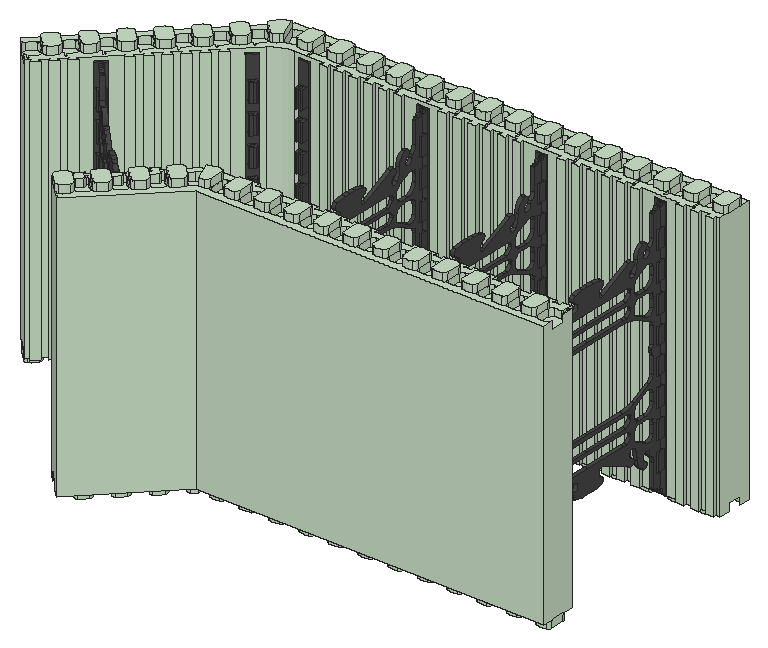
Revit family (continued)
Forms (mm)
  Extrusion 52, void
    sketch origin (588.208, 76.192, 0) x (0.707107, 0.707107, 0) y (-0.707107, 0.707107, 0)
      loop
        arc (-23.401, 199.345) -> (-21.619, 202.847) -> (-22.238, 206.726) r 6.35
        arc (-22.238, 206.726) -> (-27.183, 213.524) -> (-33.981, 218.47) r 26.988
    from 0 to 12.7
  Extrusion 53, void
    sketch origin (537.408, 76.192, 0) x (0.707107, 0.707107, 0) y (-0.707107, 0.707107, 0)
      loop
        arc (-33.981, 218.47) -> (-37.861, 219.088) -> (-41.362, 217.306) r 6.35
        line (-41.362, 217.306) -> (-57.906, 200.761)
        arc (-57.906, 200.761) -> (-59.689, 197.26) -> (-59.07, 193.38) r 6.35
        arc (-59.07, 193.38) -> (-55.492, 188.056) -> (-50.758, 183.727) r 26.988
        arc (-50.758, 183.727) -> (-50.1, 182.566) -> (-50.56, 181.314) r 1.588
        line (-50.56, 181.314) -> (-54.54, 177.334) -> (-51.471, 174.266) -> (-45.255, 180.482)
        arc (-45.255, 180.482) -> (-44.768, 180.814) -> (-44.193, 180.946) r 1.587
        arc (-44.193, 180.946) -> (-41.894, 181.472) -> (-39.946, 182.801) r 6.35
        line (-39.946, 182.801) -> (-23.401, 199.345)
        arc (-23.401, 199.345) -> (-21.619, 202.847) -> (-22.238, 206.726) r 6.35
        arc (-22.238, 206.726) -> (-27.183, 213.524) -> (-33.981, 218.47) r 26.988
    from 0 to 12.7
  Extrusion 54, void
    sketch origin (486.608, 76.192, 0) x (0.707107, 0.707107, 0) y (-0.707107, 0.707107, 0)
      loop
        arc (-33.981, 218.47) -> (-37.861, 219.088) -> (-41.362, 217.306) r 6.35
        line (-41.362, 217.306) -> (-57.906, 200.761)
        arc (-57.906, 200.761) -> (-59.689, 197.26) -> (-59.07, 193.38) r 6.35
        arc (-59.07, 193.38) -> (-55.492, 188.056) -> (-50.758, 183.727) r 26.988
        arc (-50.758, 183.727) -> (-50.1, 182.566) -> (-50.56, 181.314) r 1.588
        line (-50.56, 181.314) -> (-54.54, 177.334) -> (-51.471, 174.266) -> (-45.255, 180.482)
        arc (-45.255, 180.482) -> (-44.768, 180.814) -> (-44.193, 180.946) r 1.587
        arc (-44.193, 180.946) -> (-41.894, 181.472) -> (-39.946, 182.801) r 6.35
        line (-39.946, 182.801) -> (-23.401, 199.345)
        arc (-23.401, 199.345) -> (-21.619, 202.847) -> (-22.238, 206.726) r 6.35
        arc (-22.238, 206.726) -> (-27.183, 213.524) -> (-33.981, 218.47) r 26.988
    from 0 to 12.7
  Extrusion 55, void
    sketch origin (435.808, 76.192, 0) x (0.707107, 0.707107, 0) y (-0.707107, 0.707107, 0)
      loop
        arc (-33.981, 218.47) -> (-37.861, 219.088) -> (-41.362, 217.306) r 6.35
        line (-41.362, 217.306) -> (-57.906, 200.761)
        arc (-57.906, 200.761) -> (-59.689, 197.26) -> (-59.07, 193.38) r 6.35
        arc (-59.07, 193.38) -> (-55.492, 188.056) -> (-50.758, 183.727) r 26.988
        arc (-50.758, 183.727) -> (-50.1, 182.566) -> (-50.56, 181.314) r 1.588
        line (-50.56, 181.314) -> (-54.54, 177.334) -> (-51.471, 174.266) -> (-45.255, 180.482)
        arc (-45.255, 180.482) -> (-44.768, 180.814) -> (-44.193, 180.946) r 1.587
        arc (-44.193, 180.946) -> (-41.894, 181.472) -> (-39.946, 182.801) r 6.35
        line (-39.946, 182.801) -> (-23.401, 199.345)
        arc (-23.401, 199.345) -> (-21.619, 202.847) -> (-22.238, 206.726) r 6.35
        arc (-22.238, 206.726) -> (-27.183, 213.524) -> (-33.981, 218.47) r 26.988
    from 0 to 12.7
  Extrusion 56, void
    sketch origin (385.008, 76.192, 0) x (0.707107, 0.707107, 0) y (-0.707107, 0.707107, 0)
      loop
        arc (-33.981, 218.47) -> (-37.861, 219.088) -> (-41.362, 217.306) r 6.35
        line (-41.362, 217.306) -> (-57.906, 200.761)
        arc (-57.906, 200.761) -> (-59.689, 197.26) -> (-59.07, 193.38) r 6.35
        arc (-59.07, 193.38) -> (-55.492, 188.056) -> (-50.758, 183.727) r 26.988
        arc (-50.758, 183.727) -> (-50.1, 182.566) -> (-50.56, 181.314) r 1.588
        line (-50.56, 181.314) -> (-54.54, 177.334) -> (-51.471, 174.266) -> (-45.255, 180.482)
        arc (-45.255, 180.482) -> (-44.768, 180.814) -> (-44.193, 180.946) r 1.587
        arc (-44.193, 180.946) -> (-41.894, 181.472) -> (-39.946, 182.801) r 6.35
        line (-39.946, 182.801) -> (-23.401, 199.345)
        arc (-23.401, 199.345) -> (-21.619, 202.847) -> (-22.238, 206.726) r 6.35
        arc (-22.238, 206.726) -> (-27.183, 213.524) -> (-33.981, 218.47) r 26.988
    from 0 to 12.7
  Extrusion 57, void
    sketch origin (334.208, 76.192, 0) x (0.707107, 0.707107, 0) y (-0.707107, 0.707107, 0)
      loop
        arc (-33.981, 218.47) -> (-37.861, 219.088) -> (-41.362, 217.306) r 6.35
        line (-41.362, 217.306) -> (-57.906, 200.761)
        arc (-57.906, 200.761) -> (-59.689, 197.26) -> (-59.07, 193.38) r 6.35
        arc (-59.07, 193.38) -> (-55.492, 188.056) -> (-50.758, 183.727) r 26.988
        arc (-50.758, 183.727) -> (-50.1, 182.566) -> (-50.56, 181.314) r 1.588
        line (-50.56, 181.314) -> (-54.54, 177.334) -> (-51.471, 174.266) -> (-45.255, 180.482)
        arc (-45.255, 180.482) -> (-44.768, 180.814) -> (-44.193, 180.946) r 1.587
        arc (-44.193, 180.946) -> (-41.894, 181.472) -> (-39.946, 182.801) r 6.35
        line (-39.946, 182.801) -> (-23.401, 199.345)
        arc (-23.401, 199.345) -> (-21.619, 202.847) -> (-22.238, 206.726) r 6.35
        arc (-22.238, 206.726) -> (-27.183, 213.524) -> (-33.981, 218.47) r 26.988
    from 0 to 12.7
  Extrusion 58, void
    sketch origin (283.408, 76.192, 0) x (0.707107, 0.707107, 0) y (-0.707107, 0.707107, 0)
      loop
        arc (-33.981, 218.47) -> (-37.861, 219.088) -> (-41.362, 217.306) r 6.35
        line (-41.362, 217.306) -> (-57.906, 200.761)
        arc (-57.906, 200.761) -> (-59.689, 197.26) -> (-59.07, 193.38) r 6.35
        arc (-59.07, 193.38) -> (-55.492, 188.056) -> (-50.758, 183.727) r 26.988
        arc (-50.758, 183.727) -> (-50.1, 182.566) -> (-50.56, 181.314) r 1.588
        line (-50.56, 181.314) -> (-54.54, 177.334) -> (-51.471, 174.266) -> (-45.255, 180.482)
        arc (-45.255, 180.482) -> (-44.768, 180.814) -> (-44.193, 180.946) r 1.587
        arc (-44.193, 180.946) -> (-41.894, 181.472) -> (-39.946, 182.801) r 6.35
        line (-39.946, 182.801) -> (-23.401, 199.345)
        arc (-23.401, 199.345) -> (-21.619, 202.847) -> (-22.238, 206.726) r 6.35
        arc (-22.238, 206.726) -> (-27.183, 213.524) -> (-33.981, 218.47) r 26.988
    from 0 to 12.7
  Extrusion 59, void
    sketch origin (232.608, 76.192, 0) x (0.707107, 0.707107, 0) y (-0.707107, 0.707107, 0)
      loop
        arc (-33.981, 218.47) -> (-37.861, 219.088) -> (-41.362, 217.306) r 6.35
        line (-41.362, 217.306) -> (-57.906, 200.761)
        arc (-57.906, 200.761) -> (-59.689, 197.26) -> (-59.07, 193.38) r 6.35
        arc (-59.07, 193.38) -> (-55.492, 188.056) -> (-50.758, 183.727) r 26.988
        arc (-50.758, 183.727) -> (-50.1, 182.566) -> (-50.56, 181.314) r 1.588
        line (-50.56, 181.314) -> (-54.54, 177.334) -> (-51.471, 174.266) -> (-45.255, 180.482)
        arc (-45.255, 180.482) -> (-44.768, 180.814) -> (-44.193, 180.946) r 1.587
        arc (-44.193, 180.946) -> (-41.894, 181.472) -> (-39.946, 182.801) r 6.35
        line (-39.946, 182.801) -> (-23.401, 199.345)
        arc (-23.401, 199.345) -> (-21.619, 202.847) -> (-22.238, 206.726) r 6.35
        arc (-22.238, 206.726) -> (-27.183, 213.524) -> (-33.981, 218.47) r 26.988
    from 0 to 12.7
  Extrusion 60, void
    sketch origin (181.808, 76.192, 0) x (0.707107, 0.707107, 0) y (-0.707107, 0.707107, 0)
      loop
        arc (-33.981, 218.47) -> (-37.861, 219.088) -> (-41.362, 217.306) r 6.35
        line (-41.362, 217.306) -> (-57.906, 200.761)
        arc (-57.906, 200.761) -> (-59.689, 197.26) -> (-59.07, 193.38) r 6.35
        arc (-59.07, 193.38) -> (-55.492, 188.056) -> (-50.758, 183.727) r 26.988
        arc (-50.758, 183.727) -> (-50.1, 182.566) -> (-50.56, 181.314) r 1.588
        line (-50.56, 181.314) -> (-54.54, 177.334) -> (-51.471, 174.266) -> (-45.255, 180.482)
        arc (-45.255, 180.482) -> (-44.768, 180.814) -> (-44.193, 180.946) r 1.587
        arc (-44.193, 180.946) -> (-41.894, 181.472) -> (-39.946, 182.801) r 6.35
        line (-39.946, 182.801) -> (-23.401, 199.345)
        arc (-23.401, 199.345) -> (-21.619, 202.847) -> (-22.238, 206.726) r 6.35
        arc (-22.238, 206.726) -> (-27.183, 213.524) -> (-33.981, 218.47) r 26.988
    from 0 to 12.7
  Extrusion 61, void
    sketch origin (131.008, 76.192, 0) x (0.707107, 0.707107, 0) y (-0.707107, 0.707107, 0)
      loop
        arc (-33.981, 218.47) -> (-37.861, 219.088) -> (-41.362, 217.306) r 6.35
        line (-41.362, 217.306) -> (-57.906, 200.761)
        arc (-57.906, 200.761) -> (-59.689, 197.26) -> (-59.07, 193.38) r 6.35
        arc (-59.07, 193.38) -> (-55.492, 188.056) -> (-50.758, 183.727) r 26.988
        arc (-50.758, 183.727) -> (-50.1, 182.566) -> (-50.56, 181.314) r 1.588
        line (-50.56, 181.314) -> (-54.54, 177.334) -> (-51.471, 174.266) -> (-45.255, 180.482)
        arc (-45.255, 180.482) -> (-44.768, 180.814) -> (-44.193, 180.946) r 1.587
        arc (-44.193, 180.946) -> (-41.894, 181.472) -> (-39.946, 182.801) r 6.35
        line (-39.946, 182.801) -> (-23.401, 199.345)
        arc (-23.401, 199.345) -> (-21.619, 202.847) -> (-22.238, 206.726) r 6.35
        arc (-22.238, 206.726) -> (-27.183, 213.524) -> (-33.981, 218.47) r 26.988
    from 0 to 12.7
  Extrusion 62, void
    sketch origin (76.16, 183.955, 0) x (0, 1, 0) y (-1, 0, 0)
      loop
        arc (-33.981, 218.47) -> (-37.861, 219.088) -> (-41.362, 217.306) r 6.35
        line (-41.362, 217.306) -> (-57.906, 200.761)
        arc (-57.906, 200.761) -> (-59.689, 197.26) -> (-59.07, 193.38) r 6.35
        arc (-59.07, 193.38) -> (-55.492, 188.056) -> (-50.758, 183.727) r 26.988
        arc (-50.758, 183.727) -> (-50.1, 182.566) -> (-50.56, 181.314) r 1.588
        line (-50.56, 181.314) -> (-54.54, 177.334) -> (-51.471, 174.266) -> (-45.255, 180.482)
        arc (-45.255, 180.482) -> (-44.768, 180.814) -> (-44.193, 180.946) r 1.587
        arc (-44.193, 180.946) -> (-41.894, 181.472) -> (-39.946, 182.801) r 6.35
        line (-39.946, 182.801) -> (-23.401, 199.345)
        arc (-23.401, 199.345) -> (-21.619, 202.847) -> (-22.238, 206.726) r 6.35
        arc (-22.238, 206.726) -> (-27.183, 213.524) -> (-33.981, 218.47) r 26.988
    from 0 to 12.7
  Extrusion 63, void
    sketch origin (40.239, 148.034, 0) x (0, 1, 0) y (-1, 0, 0)
      loop
        arc (-33.981, 218.47) -> (-37.861, 219.088) -> (-41.362, 217.306) r 6.35
        line (-41.362, 217.306) -> (-57.906, 200.761)
        arc (-57.906, 200.761) -> (-59.689, 197.26) -> (-59.07, 193.38) r 6.35
        arc (-59.07, 193.38) -> (-55.492, 188.056) -> (-50.758, 183.727) r 26.988
        arc (-50.758, 183.727) -> (-50.1, 182.566) -> (-50.56, 181.314) r 1.588
        line (-50.56, 181.314) -> (-54.54, 177.334) -> (-51.471, 174.266) -> (-45.255, 180.482)
        arc (-45.255, 180.482) -> (-44.768, 180.814) -> (-44.193, 180.946) r 1.587
        arc (-44.193, 180.946) -> (-41.894, 181.472) -> (-39.946, 182.801) r 6.35
        line (-39.946, 182.801) -> (-23.401, 199.345)
        arc (-23.401, 199.345) -> (-21.619, 202.847) -> (-22.238, 206.726) r 6.35
        arc (-22.238, 206.726) -> (-27.183, 213.524) -> (-33.981, 218.47) r 26.988
    from 0 to 12.7
  Extrusion 64, void
    sketch origin (4.318, 112.113, 0) x (0, 1, 0) y (-1, 0, 0)
      loop
        arc (-33.981, 218.47) -> (-37.861, 219.088) -> (-41.362, 217.306) r 6.35
        line (-41.362, 217.306) -> (-57.906, 200.761)
        arc (-57.906, 200.761) -> (-59.689, 197.26) -> (-59.07, 193.38) r 6.35
        arc (-59.07, 193.38) -> (-55.492, 188.056) -> (-50.758, 183.727) r 26.988
        arc (-50.758, 183.727) -> (-50.1, 182.566) -> (-50.56, 181.314) r 1.588
        line (-50.56, 181.314) -> (-54.54, 177.334) -> (-51.471, 174.266) -> (-45.255, 180.482)
        arc (-45.255, 180.482) -> (-44.768, 180.814) -> (-44.193, 180.946) r 1.587
        arc (-44.193, 180.946) -> (-41.894, 181.472) -> (-39.946, 182.801) r 6.35
        line (-39.946, 182.801) -> (-23.401, 199.345)
        arc (-23.401, 199.345) -> (-21.619, 202.847) -> (-22.238, 206.726) r 6.35
        arc (-22.238, 206.726) -> (-27.183, 213.524) -> (-33.981, 218.47) r 26.988
    from 0 to 12.7
  Extrusion 65, void
    sketch origin (-31.603, 76.192, 0) x (0, 1, 0) y (-1, 0, 0)
      loop
        arc (-33.981, 218.47) -> (-37.861, 219.088) -> (-41.362, 217.306) r 6.35
        line (-41.362, 217.306) -> (-57.906, 200.761)
        arc (-57.906, 200.761) -> (-59.689, 197.26) -> (-59.07, 193.38) r 6.35
        arc (-59.07, 193.38) -> (-55.492, 188.056) -> (-50.758, 183.727) r 26.988
        arc (-50.758, 183.727) -> (-50.1, 182.566) -> (-50.56, 181.314) r 1.588
        line (-50.56, 181.314) -> (-54.54, 177.334) -> (-51.471, 174.266) -> (-45.255, 180.482)
        arc (-45.255, 180.482) -> (-44.768, 180.814) -> (-44.193, 180.946) r 1.587
        arc (-44.193, 180.946) -> (-41.894, 181.472) -> (-39.946, 182.801) r 6.35
        line (-39.946, 182.801) -> (-23.401, 199.345)
        arc (-23.401, 199.345) -> (-21.619, 202.847) -> (-22.238, 206.726) r 6.35
        arc (-22.238, 206.726) -> (-27.183, 213.524) -> (-33.981, 218.47) r 26.988
    from 0 to 12.7
  Extrusion 66, void
    sketch origin (425.597, 76.192, 0) x (-0.707107, 0.707107, 0) y (-0.707107, -0.707107, 0)
      loop
        arc (-33.981, -218.47) -> (-27.183, -213.524) -> (-22.238, -206.726) r 26.988
        arc (-22.238, -206.726) -> (-21.619, -202.847) -> (-23.401, -199.345) r 6.35
        line (-23.401, -199.345) -> (-39.946, -182.801)
        arc (-39.946, -182.801) -> (-41.894, -181.472) -> (-44.193, -180.946) r 6.35
        arc (-44.193, -180.946) -> (-44.768, -180.814) -> (-45.255, -180.482) r 1.587
        line (-45.255, -180.482) -> (-51.471, -174.266) -> (-54.54, -177.334) -> (-50.56, -181.314)
        arc (-50.56, -181.314) -> (-50.1, -182.566) -> (-50.758, -183.727) r 1.588
        arc (-50.758, -183.727) -> (-55.492, -188.056) -> (-59.07, -193.38) r 26.988
        arc (-59.07, -193.38) -> (-59.689, -197.26) -> (-57.906, -200.761) r 6.35
        line (-57.906, -200.761) -> (-41.362, -217.306)
        arc (-41.362, -217.306) -> (-37.861, -219.088) -> (-33.981, -218.47) r 6.35
    from 457.2 to 444.5
  Extrusion 67, void
    sketch origin (791.408, 76.192, 0) x (0.707107, 0.707107, 0) y (-0.707107, 0.707107, 0)
      loop
        arc (-33.981, 218.47) -> (-37.861, 219.088) -> (-41.362, 217.306) r 6.35
        line (-41.362, 217.306) -> (-57.906, 200.761)
        arc (-57.906, 200.761) -> (-59.689, 197.26) -> (-59.07, 193.38) r 6.35
        arc (-59.07, 193.38) -> (-55.492, 188.056) -> (-50.758, 183.727) r 26.988
        arc (-50.758, 183.727) -> (-50.1, 182.566) -> (-50.56, 181.314) r 1.588
        line (-50.56, 181.314) -> (-54.54, 177.334) -> (-51.471, 174.266) -> (-45.255, 180.482)
        arc (-45.255, 180.482) -> (-44.768, 180.814) -> (-44.193, 180.946) r 1.587
        arc (-44.193, 180.946) -> (-41.894, 181.472) -> (-39.946, 182.801) r 6.35
        line (-39.946, 182.801) -> (-23.401, 199.345)
        arc (-23.401, 199.345) -> (-21.619, 202.847) -> (-22.238, 206.726) r 6.35
        arc (-22.238, 206.726) -> (-27.183, 213.524) -> (-33.981, 218.47) r 26.988
    from 0 to 12.7
  Extrusion 68, void
    sketch origin (-326.192, -218.397, 0) x (-1, 0, 0) y (0, -1, 0)
      loop
        arc (-33.981, -218.47) -> (-27.183, -213.524) -> (-22.238, -206.726) r 26.988
        arc (-22.238, -206.726) -> (-21.619, -202.847) -> (-23.401, -199.345) r 6.35
        line (-23.401, -199.345) -> (-39.946, -182.801)
        arc (-39.946, -182.801) -> (-41.894, -181.472) -> (-44.193, -180.946) r 6.35
        arc (-44.193, -180.946) -> (-44.768, -180.814) -> (-45.255, -180.482) r 1.587
        line (-45.255, -180.482) -> (-51.471, -174.266) -> (-54.54, -177.334) -> (-50.56, -181.314)
        arc (-50.56, -181.314) -> (-50.1, -182.566) -> (-50.758, -183.727) r 1.588
        arc (-50.758, -183.727) -> (-55.492, -188.056) -> (-59.07, -193.38) r 26.988
        arc (-59.07, -193.38) -> (-59.689, -197.26) -> (-57.906, -200.761) r 6.35
        line (-57.906, -200.761) -> (-41.362, -217.306)
        arc (-41.362, -217.306) -> (-37.861, -219.088) -> (-33.981, -218.47) r 6.35
    from 457.2 to 444.5
  Extrusion 69, void
    sketch origin (-67.524, 40.271, 0) x (0, 1, 0) y (-1, 0, 0)
      loop
        arc (-33.981, 218.47) -> (-37.861, 219.088) -> (-41.362, 217.306) r 6.35
        line (-41.362, 217.306) -> (-57.906, 200.761)
        arc (-57.906, 200.761) -> (-59.689, 197.26) -> (-59.07, 193.38) r 6.35
        arc (-59.07, 193.38) -> (-55.492, 188.056) -> (-50.758, 183.727) r 26.988
        arc (-50.758, 183.727) -> (-50.1, 182.566) -> (-50.56, 181.314) r 1.588
        line (-50.56, 181.314) -> (-54.54, 177.334) -> (-51.471, 174.266) -> (-45.255, 180.482)
        arc (-45.255, 180.482) -> (-44.768, 180.814) -> (-44.193, 180.946) r 1.587
        arc (-44.193, 180.946) -> (-41.894, 181.472) -> (-39.946, 182.801) r 6.35
        line (-39.946, 182.801) -> (-23.401, 199.345)
        arc (-23.401, 199.345) -> (-21.619, 202.847) -> (-22.238, 206.726) r 6.35
        arc (-22.238, 206.726) -> (-27.183, 213.524) -> (-33.981, 218.47) r 26.988
    from 0 to 12.7
  Extrusion 70, void
    sketch origin (-31.603, -76.208, 0) x (-0.707107, -0.707107, 0) y (0.707107, -0.707107, 0)
      loop
        arc (-33.981, 218.47) -> (-37.861, 219.088) -> (-41.362, 217.306) r 6.35
        line (-41.362, 217.306) -> (-57.906, 200.761)
        arc (-57.906, 200.761) -> (-59.689, 197.26) -> (-59.07, 193.38) r 6.35
        arc (-59.07, 193.38) -> (-55.492, 188.056) -> (-50.758, 183.727) r 26.988
        arc (-50.758, 183.727) -> (-50.1, 182.566) -> (-50.56, 181.314) r 1.588
        line (-50.56, 181.314) -> (-54.54, 177.334) -> (-51.471, 174.266) -> (-45.255, 180.482)
        arc (-45.255, 180.482) -> (-44.768, 180.814) -> (-44.193, 180.946) r 1.587
        arc (-44.193, 180.946) -> (-41.894, 181.472) -> (-39.946, 182.801) r 6.35
        line (-39.946, 182.801) -> (-23.401, 199.345)
        arc (-23.401, 199.345) -> (-21.619, 202.847) -> (-22.238, 206.726) r 6.35
        arc (-22.238, 206.726) -> (-27.183, 213.524) -> (-33.981, 218.47) r 26.988
    from 0 to 12.7
  Extrusion 71, void
    sketch origin (4.007, -103.102, 0) x (1, 0, 0) y (0, 1, 0)
      loop
        arc (-33.981, -218.47) -> (-27.183, -213.524) -> (-22.238, -206.726) r 26.988
        arc (-22.238, -206.726) -> (-21.619, -202.847) -> (-23.401, -199.345) r 6.35
        line (-23.401, -199.345) -> (-39.946, -182.801)
        arc (-39.946, -182.801) -> (-41.894, -181.472) -> (-44.193, -180.946) r 6.35
        arc (-44.193, -180.946) -> (-44.768, -180.814) -> (-45.255, -180.482) r 1.587
        line (-45.255, -180.482) -> (-51.471, -174.266) -> (-54.54, -177.334) -> (-50.56, -181.314)
        arc (-50.56, -181.314) -> (-50.1, -182.566) -> (-50.758, -183.727) r 1.588
        arc (-50.758, -183.727) -> (-55.492, -188.056) -> (-59.07, -193.38) r 26.988
        arc (-59.07, -193.38) -> (-59.689, -197.26) -> (-57.906, -200.761) r 6.35
        line (-57.906, -200.761) -> (-41.362, -217.306)
        arc (-41.362, -217.306) -> (-37.861, -219.088) -> (-33.981, -218.47) r 6.35
    from 457.2 to 444.5
  Extrusion 72, void
    sketch origin (476.397, 76.192, 0) x (-0.707107, 0.707107, 0) y (-0.707107, -0.707107, 0)
      loop
        arc (-33.981, -218.47) -> (-27.183, -213.524) -> (-22.238, -206.726) r 26.988
        arc (-22.238, -206.726) -> (-21.619, -202.847) -> (-23.401, -199.345) r 6.35
        line (-23.401, -199.345) -> (-39.946, -182.801)
        arc (-39.946, -182.801) -> (-41.894, -181.472) -> (-44.193, -180.946) r 6.35
        arc (-44.193, -180.946) -> (-44.768, -180.814) -> (-45.255, -180.482) r 1.587
        line (-45.255, -180.482) -> (-51.471, -174.266) -> (-54.54, -177.334) -> (-50.56, -181.314)
        arc (-50.56, -181.314) -> (-50.1, -182.566) -> (-50.758, -183.727) r 1.588
        arc (-50.758, -183.727) -> (-55.492, -188.056) -> (-59.07, -193.38) r 26.988
        arc (-59.07, -193.38) -> (-59.689, -197.26) -> (-57.906, -200.761) r 6.35
        line (-57.906, -200.761) -> (-41.362, -217.306)
        arc (-41.362, -217.306) -> (-37.861, -219.088) -> (-33.981, -218.47) r 6.35
    from 457.2 to 444.5
  Extrusion 73, void
    sketch origin (842.208, 76.192, 0) x (0.707107, 0.707107, 0) y (-0.707107, 0.707107, 0)
      loop
        arc (-33.981, 218.47) -> (-37.861, 219.088) -> (-41.362, 217.306) r 6.35
        line (-41.362, 217.306) -> (-57.906, 200.761)
        arc (-57.906, 200.761) -> (-59.689, 197.26) -> (-59.07, 193.38) r 6.35
        arc (-59.07, 193.38) -> (-55.492, 188.056) -> (-50.758, 183.727) r 26.988
        arc (-50.758, 183.727) -> (-50.1, 182.566) -> (-50.56, 181.314) r 1.588
        line (-50.56, 181.314) -> (-54.54, 177.334) -> (-51.471, 174.266) -> (-45.255, 180.482)
        arc (-45.255, 180.482) -> (-44.768, 180.814) -> (-44.193, 180.946) r 1.587
        arc (-44.193, 180.946) -> (-41.894, 181.472) -> (-39.946, 182.801) r 6.35
        line (-39.946, 182.801) -> (-23.401, 199.345)
        arc (-23.401, 199.345) -> (-21.619, 202.847) -> (-22.238, 206.726) r 6.35
        arc (-22.238, 206.726) -> (-27.183, 213.524) -> (-33.981, 218.47) r 26.988
    from 0 to 12.7
  Extrusion 74, void
    sketch origin (-362.113, -254.318, 0) x (-1, 0, 0) y (0, -1, 0)
      loop
        arc (-33.981, -218.47) -> (-27.183, -213.524) -> (-22.238, -206.726) r 26.988
        arc (-22.238, -206.726) -> (-21.619, -202.847) -> (-23.401, -199.345) r 6.35
        line (-23.401, -199.345) -> (-39.946, -182.801)
        arc (-39.946, -182.801) -> (-41.894, -181.472) -> (-44.193, -180.946) r 6.35
        arc (-44.193, -180.946) -> (-44.768, -180.814) -> (-45.255, -180.482) r 1.587
        line (-45.255, -180.482) -> (-51.471, -174.266) -> (-54.54, -177.334) -> (-50.56, -181.314)
        arc (-50.56, -181.314) -> (-50.1, -182.566) -> (-50.758, -183.727) r 1.588
        arc (-50.758, -183.727) -> (-55.492, -188.056) -> (-59.07, -193.38) r 26.988
        arc (-59.07, -193.38) -> (-59.689, -197.26) -> (-57.906, -200.761) r 6.35
        line (-57.906, -200.761) -> (-41.362, -217.306)
        arc (-41.362, -217.306) -> (-37.861, -219.088) -> (-33.981, -218.47) r 6.35
    from 457.2 to 444.5
  Extrusion 75, void
    sketch origin (-103.445, 4.35, 0) x (0, 1, 0) y (-1, 0, 0)
      loop
        arc (-33.981, 218.47) -> (-37.861, 219.088) -> (-41.362, 217.306) r 6.35
        line (-41.362, 217.306) -> (-57.906, 200.761)
        arc (-57.906, 200.761) -> (-59.689, 197.26) -> (-59.07, 193.38) r 6.35
        arc (-59.07, 193.38) -> (-55.492, 188.056) -> (-50.758, 183.727) r 26.988
        arc (-50.758, 183.727) -> (-50.1, 182.566) -> (-50.56, 181.314) r 1.588
        line (-50.56, 181.314) -> (-54.54, 177.334) -> (-51.471, 174.266) -> (-45.255, 180.482)
        arc (-45.255, 180.482) -> (-44.768, 180.814) -> (-44.193, 180.946) r 1.587
        arc (-44.193, 180.946) -> (-41.894, 181.472) -> (-39.946, 182.801) r 6.35
        line (-39.946, 182.801) -> (-23.401, 199.345)
        arc (-23.401, 199.345) -> (-21.619, 202.847) -> (-22.238, 206.726) r 6.35
        arc (-22.238, 206.726) -> (-27.183, 213.524) -> (-33.981, 218.47) r 26.988
    from 0 to 12.7
  Extrusion 76, void
    sketch origin (-254.66, -361.77, 0) x (0, -1, 0) y (1, 0, 0)
      loop
        arc (-33.981, 218.47) -> (-37.861, 219.088) -> (-41.362, 217.306) r 6.35
        line (-41.362, 217.306) -> (-57.906, 200.761)
        arc (-57.906, 200.761) -> (-59.689, 197.26) -> (-59.07, 193.38) r 6.35
        arc (-59.07, 193.38) -> (-55.492, 188.056) -> (-50.758, 183.727) r 26.988
        arc (-50.758, 183.727) -> (-50.1, 182.566) -> (-50.56, 181.314) r 1.588
        line (-50.56, 181.314) -> (-54.54, 177.334) -> (-51.471, 174.266) -> (-45.255, 180.482)
        arc (-45.255, 180.482) -> (-44.768, 180.814) -> (-44.193, 180.946) r 1.587
        arc (-44.193, 180.946) -> (-41.894, 181.472) -> (-39.946, 182.801) r 6.35
        line (-39.946, 182.801) -> (-23.401, 199.345)
        arc (-23.401, 199.345) -> (-21.619, 202.847) -> (-22.238, 206.726) r 6.35
        arc (-22.238, 206.726) -> (-27.183, 213.524) -> (-33.981, 218.47) r 26.988
    from 0 to 12.7
  Extrusion 77, void
    sketch origin (283.408, -76.208, 0) x (0.707107, -0.707107, 0) y (0.707107, 0.707107, 0)
      loop
        arc (-33.981, -218.47) -> (-27.183, -213.524) -> (-22.238, -206.726) r 26.988
        arc (-22.238, -206.726) -> (-21.619, -202.847) -> (-23.401, -199.345) r 6.35
        line (-23.401, -199.345) -> (-39.946, -182.801)
        arc (-39.946, -182.801) -> (-41.894, -181.472) -> (-44.193, -180.946) r 6.35
        arc (-44.193, -180.946) -> (-44.768, -180.814) -> (-45.255, -180.482) r 1.587
        line (-45.255, -180.482) -> (-51.471, -174.266) -> (-54.54, -177.334) -> (-50.56, -181.314)
        arc (-50.56, -181.314) -> (-50.1, -182.566) -> (-50.758, -183.727) r 1.588
        arc (-50.758, -183.727) -> (-55.492, -188.056) -> (-59.07, -193.38) r 26.988
        arc (-59.07, -193.38) -> (-59.689, -197.26) -> (-57.906, -200.761) r 6.35
        line (-57.906, -200.761) -> (-41.362, -217.306)
        arc (-41.362, -217.306) -> (-37.861, -219.088) -> (-33.981, -218.47) r 6.35
    from 457.2 to 444.5
  Extrusion 78, void
    sketch origin (-1609.378, 626.165, 0) x (1, 0, 0) y (0, 1, 0)
      loop
        arc (1662.078, -814.885) -> (1661.459, -818.764) -> (1663.242, -822.266) r 6.35
        line (1663.242, -822.266) -> (1679.786, -838.81)
        arc (1679.786, -838.81) -> (1683.288, -840.593) -> (1687.167, -839.974) r 6.35
        arc (1687.167, -839.974) -> (1691.523, -837.191) -> (1695.269, -833.628) r 26.987
        line (1695.269, -833.628) -> (1680.794, -798.682)
        arc (1680.794, -798.682) -> (1673.609, -802.526) -> (1667.361, -807.757) r 39.688
        arc (1667.361, -807.757) -> (1664.424, -811.102) -> (1662.078, -814.885) r 26.988
    from 457.2 to 444.5
  Extrusion 79, void
    sketch origin (695.163, 1580.608, 0) x (-0.707107, -0.707107, 0) y (0.707107, -0.707107, 0)
      loop
        arc (1662.078, 814.885) -> (1664.424, 811.102) -> (1667.361, 807.757) r 26.988
        arc (1667.361, 807.757) -> (1673.588, 802.54) -> (1680.748, 798.7) r 39.688
        line (1680.748, 798.7) -> (1695.233, 833.67)
        arc (1695.233, 833.67) -> (1691.502, 837.208) -> (1687.167, 839.974) r 26.987
        arc (1687.167, 839.974) -> (1683.288, 840.593) -> (1679.786, 838.81) r 6.35
        line (1679.786, 838.81) -> (1663.242, 822.266)
        arc (1663.242, 822.266) -> (1661.459, 818.764) -> (1662.078, 814.885) r 6.35
    from 0 to 12.7
  Extrusion 80, solid, material "NUDURA Expanded Polystyrene Foam Insulation"
    sketch origin (-1609.378, 626.165, 0) x (1, 0, 0) y (0, 1, 0)
      loop
        arc (1662.078, -814.885) -> (1661.459, -818.764) -> (1663.242, -822.266) r 6.35
        line (1663.242, -822.266) -> (1679.786, -838.81)
        arc (1679.786, -838.81) -> (1683.288, -840.593) -> (1687.167, -839.974) r 6.35
        arc (1687.167, -839.974) -> (1691.523, -837.191) -> (1695.269, -833.628) r 26.987
        line (1695.269, -833.628) -> (1680.794, -798.682)
        arc (1680.794, -798.682) -> (1673.609, -802.526) -> (1667.361, -807.757) r 39.688
        arc (1667.361, -807.757) -> (1664.424, -811.102) -> (1662.078, -814.885) r 26.988
    from 0 to -12.7
  Extrusion 81, solid, material "NUDURA Expanded Polystyrene Foam Insulation"
    sketch origin (695.163, 1580.608, 0) x (-0.707107, -0.707107, 0) y (0.707107, -0.707107, 0)
      loop
        arc (1662.078, 814.885) -> (1664.424, 811.102) -> (1667.361, 807.757) r 26.988
        arc (1667.361, 807.757) -> (1673.588, 802.54) -> (1680.748, 798.7) r 39.688
        line (1680.748, 798.7) -> (1695.233, 833.67)
        arc (1695.233, 833.67) -> (1691.502, 837.208) -> (1687.167, 839.974) r 26.987
        arc (1687.167, 839.974) -> (1683.288, 840.593) -> (1679.786, 838.81) r 6.35
        line (1679.786, 838.81) -> (1663.242, 822.266)
        arc (1663.242, 822.266) -> (1661.459, 818.764) -> (1662.078, 814.885) r 6.35
    from 457.2 to 469.9
Cuts and joins
  Extrusion 4, Extrusion 5, Extrusion 6, Extrusion 7, Extrusion 8, Extrusion 9, Extrusion 10, Extrusion 11, Extrusion 12, Extrusion 13, Extrusion 14, Extrusion 15, Extrusion 16, Extrusion 17, Extrusion 18, Extrusion 19, Extrusion 20, Extrusion 21, Extrusion 22, Extrusion 23, Extrusion 24, Extrusion 25, Extrusion 26, Extrusion 27, Extrusion 28, Extrusion 29, Extrusion 30, Extrusion 31, Extrusion 32, Extrusion 33, Extrusion 34, Extrusion 35, Extrusion 36, Extrusion 37, Extrusion 38, Extrusion 39, Extrusion 40, Extrusion 41, Extrusion 42, Extrusion 43, Extrusion 44, Extrusion 45, Extrusion 46, Extrusion 47, Extrusion 48, Extrusion 49, Extrusion 50, Extrusion 51, Extrusion 52, Extrusion 53, Extrusion 54, Extrusion 55, Extrusion 56, Extrusion 57, Extrusion 58, Extrusion 59, Extrusion 60, Extrusion 61, Extrusion 62, Extrusion 63, Extrusion 64, Extrusion 65, Extrusion 66, Extrusion 67, Extrusion 68, Extrusion 69, Extrusion 70, Extrusion 71, Extrusion 72, Extrusion 73, Extrusion 74, Extrusion 75, Extrusion 76, Extrusion 77, Extrusion 78, Extrusion 79 cuts Extrusion 1
  Extrusion 33 cuts Extrusion 2
  Extrusion 35 cuts Extrusion 3
  Extrusion 38 cuts Extrusion 80
  Extrusion 77 cuts Extrusion 81
Lines and regions (mm)
  model lines
    curve 1: line (278.303, 219.067, 457.2) -> (278.303, 219.067, 0)
Dimensions and locks
  aligned and locked: level to plane 2
  aligned and locked: Extrusion 1 to level
  aligned and locked: level to Extrusion 1  (x2)
  aligned and locked: nested 64 to nested 68
  aligned and locked: nested 69 to nested 66
  aligned and locked: nested 87 to nested 67
Nested families
  nested 1: "Interlock Tooth" at (633.903, -76.208, 0), type "Interlock Tooth"
  nested 2: "Interlock Tooth" at (583.103, -76.208, 0), type "Interlock Tooth"
  nested 3: "Interlock Tooth" at (532.303, -76.208, 0), type "Interlock Tooth"
  nested 4: "Interlock Tooth" at (481.503, -76.208, 0), type "Interlock Tooth"
  nested 5: "Interlock Tooth" at (430.703, -76.208, 0), type "Interlock Tooth"
  nested 6: "Interlock Tooth" at (379.903, -76.208, 0), type "Interlock Tooth"
  nested 7: "Interlock Tooth" at (329.103, -76.208, 0), type "Interlock Tooth"
  nested 8: "Interlock Tooth" at (278.303, -76.208, 0), type "Interlock Tooth"
  nested 9: "Interlock Tooth" at (227.503, -76.208, 0), type "Interlock Tooth"
  nested 10: "Interlock Tooth" at (176.703, -76.208, 0), type "Interlock Tooth"
  nested 11: "Interlock Tooth" at (-35.524, -142.633, 0) x (0.7071, 0.7071, 0) z (0, 0, 1), type "Interlock Tooth"
  nested 12: "Interlock Tooth" at (-71.445, -178.555, 0) x (0.7071, 0.7071, 0) z (0, 0, 1), type "Interlock Tooth"
  nested 13: "Interlock Tooth" at (-107.366, -214.476, 0) x (0.7071, 0.7071, 0) z (0, 0, 1), type "Interlock Tooth"
  nested 14: "Interlock Tooth" at (557.703, 76.192, 0), type "Interlock Tooth"
  nested 15: "Interlock Tooth" at (506.903, 76.192, 0), type "Interlock Tooth"
  nested 16: "Interlock Tooth" at (456.103, 76.192, 0), type "Interlock Tooth"
  nested 17: "Interlock Tooth" at (405.303, 76.192, 0), type "Interlock Tooth"
  nested 18: "Interlock Tooth" at (354.503, 76.192, 0), type "Interlock Tooth"
  nested 19: "Interlock Tooth" at (303.703, 76.192, 0), type "Interlock Tooth"
  nested 20: "Interlock Tooth" at (252.903, 76.192, 0), type "Interlock Tooth"
  nested 21: "Interlock Tooth" at (202.103, 76.192, 0), type "Interlock Tooth"
  nested 22: "Interlock Tooth" at (151.303, 76.192, 0), type "Interlock Tooth"
  nested 23: "Interlock Tooth" at (100.503, 76.192, 0), type "Interlock Tooth"
  nested 24: "Interlock Tooth" at (49.703, 76.192, 0), type "Interlock Tooth"
  nested 25: "Interlock Tooth" at (-1.097, 76.192, 0), type "Interlock Tooth"
  nested 26: "Interlock Tooth" at (-51.897, 76.192, 0), type "Interlock Tooth"
  nested 27: "Interlock Tooth" at (-53.174, 54.621, 0) x (0.7071, 0.7071, 0) z (0, 0, 1), type "Interlock Tooth"
  nested 28: "Interlock Tooth" at (-89.095, 18.7, 0) x (0.7071, 0.7071, 0) z (0, 0, 1), type "Interlock Tooth"
  nested 29: "Interlock Tooth" at (-125.016, -17.221, 0) x (0.7071, 0.7071, 0) z (0, 0, 1), type "Interlock Tooth"
  nested 30: "Interlock Tooth" at (-160.937, -53.142, 0) x (0.7071, 0.7071, 0) z (0, 0, 1), type "Interlock Tooth"
  nested 31: "Interlock Tooth" at (-89.406, -196.515, -469.9) x (0.7071, 0.7071, 0) z (0, 0, 1), type "Interlock Tooth"
  nested 32: "Interlock Tooth" at (-53.485, -160.594, -469.9) x (0.7071, 0.7071, 0) z (0, 0, 1), type "Interlock Tooth"
  nested 33: "Interlock Tooth" at (-338.297, 88.297, -469.9) x (0.7071, 0.7071, 0) z (0, 0, 1), type "Interlock Tooth"
  nested 34: "Interlock Tooth" at (-302.376, 124.218, -469.9) x (0.7071, 0.7071, 0) z (0, 0, 1), type "Interlock Tooth"
  nested 35: "Interlock Tooth" at (-266.455, 160.139, -469.9) x (0.7071, 0.7071, 0) z (0, 0, 1), type "Interlock Tooth"
  nested 36: "Interlock Tooth" at (-230.534, 196.06, -469.9) x (0.7071, 0.7071, 0) z (0, 0, 1), type "Interlock Tooth"
  nested 37: "Interlock Tooth" at (-194.613, 231.981, -469.9) x (0.7071, 0.7071, 0) z (0, 0, 1), type "Interlock Tooth"
  nested 38: "Interlock Tooth" at (-1.097, 76.192, -469.9) x (-1, 0, 0) z (0, 0, 1), type "Interlock Tooth"
  nested 39: "Interlock Tooth" at (49.703, 76.192, -469.9) x (-1, 0, 0) z (0, 0, 1), type "Interlock Tooth"
  nested 40: "Interlock Tooth" at (100.503, 76.192, -469.9) x (-1, 0, 0) z (0, 0, 1), type "Interlock Tooth"
  nested 41: "Interlock Tooth" at (151.303, 76.192, -469.9) x (-1, 0, 0) z (0, 0, 1), type "Interlock Tooth"
  nested 42: "Interlock Tooth" at (202.103, 76.192, -469.9) x (-1, 0, 0) z (0, 0, 1), type "Interlock Tooth"
  nested 43: "Interlock Tooth" at (252.903, 76.192, -469.9) x (-1, 0, 0) z (0, 0, 1), type "Interlock Tooth"
  nested 44: "Interlock Tooth" at (303.703, 76.192, -469.9) x (-1, 0, 0) z (0, 0, 1), type "Interlock Tooth"
  nested 45: "Interlock Tooth" at (354.503, 76.192, -469.9) x (-1, 0, 0) z (0, 0, 1), type "Interlock Tooth"
  nested 46: "Interlock Tooth" at (405.303, 76.192, -469.9) x (-1, 0, 0) z (0, 0, 1), type "Interlock Tooth"
  nested 47: "Interlock Tooth" at (456.103, 76.192, -469.9) x (-1, 0, 0) z (0, 0, 1), type "Interlock Tooth"
  nested 48: "Interlock Tooth" at (506.903, 76.192, -469.9) x (-1, 0, 0) z (0, 0, 1), type "Interlock Tooth"
  nested 49: "Interlock Tooth" at (557.703, 76.192, -469.9) x (-1, 0, 0) z (0, 0, 1), type "Interlock Tooth"
  nested 50: "Interlock Tooth" at (684.703, -76.208, -469.9) x (-1, 0, 0) z (0, 0, 1), type "Interlock Tooth"
  nested 51: "Interlock Tooth" at (633.903, -76.208, -469.9) x (-1, 0, 0) z (0, 0, 1), type "Interlock Tooth"
  nested 52: "Interlock Tooth" at (583.103, -76.208, -469.9) x (-1, 0, 0) z (0, 0, 1), type "Interlock Tooth"
  nested 53: "Interlock Tooth" at (532.303, -76.208, -469.9) x (-1, 0, 0) z (0, 0, 1), type "Interlock Tooth"
  nested 54: "Interlock Tooth" at (481.503, -76.208, -469.9) x (-1, 0, 0) z (0, 0, 1), type "Interlock Tooth"
  nested 55: "Interlock Tooth" at (430.703, -76.208, -469.9) x (-1, 0, 0) z (0, 0, 1), type "Interlock Tooth"
  nested 56: "Interlock Tooth" at (379.903, -76.208, -469.9) x (-1, 0, 0) z (0, 0, 1), type "Interlock Tooth"
  nested 57: "Interlock Tooth" at (329.103, -76.208, -469.9) x (-1, 0, 0) z (0, 0, 1), type "Interlock Tooth"
  nested 58: "Interlock Tooth" at (278.303, -76.208, -469.9) x (-1, 0, 0) z (0, 0, 1), type "Interlock Tooth"
  nested 59: "Interlock Tooth" at (227.503, -76.208, -469.9) x (-1, 0, 0) z (0, 0, 1), type "Interlock Tooth"
  nested 60: "Interlock Tooth" at (176.703, -76.208, -469.9) x (-1, 0, 0) z (0, 0, 1), type "Interlock Tooth"
  nested 61: "Capture Lugs" at (-26.497, 76.192, 0) x (-1, 0, 0) z (0, 0, 1), type "Capture Lugs"
  nested 62: "Capture Lugs" at (-35.213, 72.582, 0) x (-0.7071, -0.7071, 0) z (0, 0, 1), type "Capture Lugs"
  nested 63: "NUDURA Diamond Pattern" at (481.503, -76.501, 0), type "NUDURA Diamond Pattern"
  nested 64: "NUDURA Diamond Pattern" at (75.103, -76.208, 0), type "NUDURA Diamond Pattern"
  nested 65: "NUDURA Diamond Pattern" at (481.503, 76.192, 0), type "NUDURA Diamond Pattern"
  nested 66: "NUDURA Diamond Pattern" at (278.303, 76.192, 0), type "NUDURA Diamond Pattern"
  nested 67: "NUDURA Logo Diamond" at (-64.445, 245.406, 0) x (-0.7071, -0.7071, 0) z (0, 0, 1), type "NUDURA Logo Diamond"
  nested 68: "NUDURA Logo Diamond" at (75.168, -219.083, 0), type "NUDURA Logo Diamond"
  nested 69: "NUDURA Logo Diamond Missing Outside Line" at (481.438, 219.067, 0) x (-1, 0, 0) z (0, 0, 1), type "NUDURA Logo Diamond without Outside Line"
  nested 70: "Interlock Tooth" at (608.503, 76.192, 0), type "Interlock Tooth"
  nested 71: "Interlock Tooth" at (608.503, 76.192, -469.9) x (-1, 0, 0) z (0, 0, 1), type "Interlock Tooth"
  nested 72: "Interlock Tooth" at (-196.858, -89.063, 0) x (0.7071, 0.7071, 0) z (0, 0, 1), type "Interlock Tooth"
  nested 73: "Interlock Tooth" at (-374.218, 52.376, -469.9) x (0.7071, 0.7071, 0) z (0, 0, 1), type "Interlock Tooth"
  nested 74: "Interlock Tooth" at (125.903, -76.208, 0), type "Interlock Tooth"
  nested 75: "Interlock Tooth" at (-125.327, -232.436, -469.9) x (0.7071, 0.7071, 0) z (0, 0, 1), type "Interlock Tooth"
  nested 76: "Interlock Tooth" at (659.303, 76.192, 0), type "Interlock Tooth"
  nested 77: "Interlock Tooth" at (659.303, 76.192, -469.9) x (-1, 0, 0) z (0, 0, 1), type "Interlock Tooth"
  nested 78: "Interlock Tooth" at (-232.779, -124.984, 0) x (0.7071, 0.7071, 0) z (0, 0, 1), type "Interlock Tooth"
  nested 79: "Interlock Tooth" at (-143.287, -250.397, 0) x (0.7071, 0.7071, 0) z (0, 0, 1), type "Interlock Tooth"
  nested 80: "Interlock Tooth" at (125.903, -76.208, -469.9) x (-1, 0, 0) z (0, 0, 1), type "Interlock Tooth"
  nested 81: "Interlock Tooth" at (-410.139, 16.455, -469.9) x (0.7071, 0.7071, 0) z (0, 0, 1), type "Interlock Tooth"
  nested 82: "12-inch Insert Web" at (583.103, -0.008, 0), type "12-inch Insert Web"
  nested 83: "12-inch Insert Web" at (379.903, -0.008, 0), type "12-inch Insert Web"
  nested 84: "12-inch Insert Web" at (176.703, -0.008, 0), type "12-inch Insert Web"
  nested 85: "12-inch Insert Web" at (-125.016, -124.984, 0) x (0.7071, 0.7071, 0) z (0, 0, 1), type "12-inch Insert Web"
  nested 86: "NUDURA Diamond Pattern" at (-128.097, 361.942, 0), type "NUDURA Diamond Pattern"
  nested 87: "NUDURA Diamond Pattern" at (36.629, 144.424, 0) x (-0.7071, -0.7071, 0) z (0, 0, 1), type "NUDURA Diamond Pattern"
  nested 88: "NUDURA Diamond Pattern Missing One Line" at (-142.976, -250.707, 0) x (0.7071, 0.7071, 0) z (0, 0, 1), type "NUDURA Diamond Pattern Missing One Line"
Definition of nested family "Interlock Tooth"
  Reference planes
    plane 1 "Center (Front/Back)": y = 0
    plane 2: z = 0
    plane 3 "Center (Left/Right)": x = 0
    plane 4: z = 457.2
    plane 5: z = 469.9
    plane 6: z = -12.7
  Forms (mm)
    Extrusion 1, solid, material "NUDURA Expanded Polystyrene Foam Insulation"
      sketch origin (0, -225.425, 0) x (1, 0, 0) y (0, 1, 0)
        loop
          arc (0, 101.014) -> (1.215, 97.278) -> (4.396, 94.972) r 6.35
          arc (4.396, 94.972) -> (12.7, 93.663) -> (21.004, 94.972) r 26.988
          arc (21.004, 94.972) -> (24.185, 97.278) -> (25.4, 101.014) r 6.35
          line (25.4, 101.014) -> (25.4, 124.411)
          arc (25.4, 124.411) -> (24.185, 128.147) -> (21.004, 130.453) r 6.35
          arc (21.004, 130.453) -> (12.7, 131.763) -> (4.396, 130.453) r 26.987
          arc (4.396, 130.453) -> (1.215, 128.147) -> (0, 124.411) r 6.35
          line (0, 124.411) -> (0, 101.014)
      from 457.2 to 469.9
  Dimensions and locks
    locked: plane 4 to level at 457.2
    locked: plane 4 to plane 5 at 12.7
    locked: plane 6 to level at 12.7
Definition of nested family "Capture Lugs"
  Reference planes
    plane 1 "Center (Front/Back)": y = 0
    plane 2: z = 0
    plane 3 "Center (Left/Right)": x = 0
  Forms (mm)
    Extrusion 1, solid, material "High Density Polystyrene"
      sketch origin (0, 0, 0) x (0, 1, 0) y (0, 0, 1)
        loop
          arc (-82.55, 0) -> (-81.817, 0.502) -> (-81.534, 1.344) r 1.397
          line (-81.534, 1.344) -> (-81.534, 449.4)
          arc (-81.534, 449.4) -> (-81.817, 450.243) -> (-82.55, 450.744) r 1.397
          line (-82.55, 450.744) -> (-82.55, 0)
      from 9.227 to -9.227
    Extrusion 2, solid, material "High Density Polystyrene"
      sketch origin (0, 0, 0) x (0, 1, 0) y (0, 0, 1)
        loop
          line (-81.534, 410.919) -> (-81.534, 380.439) -> (-68.834, 380.439) -> (-68.834, 410.919) -> (-81.534, 410.919)
        loop
          line (-81.534, 361.389) -> (-81.534, 330.909) -> (-68.834, 330.909) -> (-68.834, 361.389) -> (-81.534, 361.389)
        loop
          line (-81.534, 311.859) -> (-81.534, 281.379) -> (-68.834, 281.379) -> (-68.834, 311.859) -> (-81.534, 311.859)
        loop
          line (-81.534, 262.329) -> (-81.534, 234.897) -> (-68.834, 234.897) -> (-68.834, 262.329) -> (-81.534, 262.329)
        loop
          line (-81.534, 215.847) -> (-81.534, 188.415) -> (-68.834, 188.415) -> (-68.834, 215.847) -> (-81.534, 215.847)
        loop
          line (-81.534, 169.365) -> (-81.534, 138.885) -> (-68.834, 138.885) -> (-68.834, 169.365) -> (-81.534, 169.365)
        loop
          line (-81.534, 119.835) -> (-81.534, 89.355) -> (-68.834, 89.355) -> (-68.834, 119.835) -> (-81.534, 119.835)
        loop
          line (-81.534, 70.305) -> (-81.534, 39.825) -> (-68.834, 39.825) -> (-68.834, 70.305) -> (-81.534, 70.305)
      from 6.35 to -6.35
    Extrusion 3, void
      sketch origin (0, 0, 0) x (1, 0, 0) y (0, 1, 0)
        loop
          arc (-6.35, -70.929) -> (-5.736, -69.448) -> (-4.255, -68.834) r 2.095
          line (-4.255, -68.834) -> (-6.35, -68.834) -> (-6.35, -70.929)
      from 0 to 457.2
    Extrusion 4, void
      sketch origin (0, 0, 0) x (-1, 0, 0) y (0, -1, 0)
        loop
          line (-6.35, 70.929) -> (-6.35, 68.834) -> (-4.255, 68.834)
          arc (-4.255, 68.834) -> (-5.736, 69.448) -> (-6.35, 70.929) r 2.095
      from 0 to 457.2
    Extrusion 5, void
      sketch origin (0, 0, 0) x (1, 0, 0) y (0, 1, 0)
        loop
          arc (-1.191, -72.009) -> (0, -78.127) -> (1.191, -72.009) r 3.175
          line (1.191, -72.009) -> (1.191, -68.834) -> (-1.191, -68.834) -> (-1.191, -72.009)
      from 0 to 457.2
  Cuts and joins
    Extrusion 3, Extrusion 4 cuts Extrusion 1
    Extrusion 3, Extrusion 4, Extrusion 5 cuts Extrusion 2
Definition of nested family "12-inch Insert Web"
  Reference planes
    plane 1 "Center (Front/Back)": y = 0
    plane 2: z = 0
    plane 3 "Center (Left/Right)": x = 0
  Forms (mm)
    Extrusion 1, solid, material "High Density Polystyrene"
      sketch origin (0, 0, 0) x (0, 1, 0) y (0, 0, 1)
        loop
          line (158.75, 0) -> (158.75, 450.744)
          arc (158.75, 450.744) -> (158.017, 450.243) -> (157.734, 449.4) r 1.397
          line (157.734, 449.4) -> (157.734, 1.344)
          arc (157.734, 1.344) -> (158.017, 0.502) -> (158.75, 0) r 1.397
        loop
          arc (-158.75, 0) -> (-158.017, 0.502) -> (-157.734, 1.344) r 1.397
          line (-157.734, 1.344) -> (-157.734, 449.4)
          arc (-157.734, 449.4) -> (-158.017, 450.243) -> (-158.75, 450.744) r 1.397
          line (-158.75, 450.744) -> (-158.75, 0)
      from 9.227 to -9.227
    Extrusion 2, solid, material "High Density Polystyrene"
      sketch origin (0, 0, 0) x (0, 1, 0) y (0, 0, 1)
        loop
          arc (157.198, 442.16) -> (157.575, 442.021) -> (157.734, 441.652) r 0.508
          line (157.734, 441.652) -> (157.734, 447.972)
          arc (157.734, 447.972) -> (157.629, 447.585) -> (157.342, 447.306) r 0.762
          line (157.342, 447.306) -> (155.586, 446.33)
          arc (155.586, 446.33) -> (155.299, 446.05) -> (155.194, 445.664) r 0.762
          line (155.194, 445.664) -> (155.194, 442.585)
          arc (155.194, 442.585) -> (155.353, 442.216) -> (155.73, 442.078) r 0.508
          line (155.73, 442.078) -> (157.198, 442.16)
        loop
          line (-155.586, 446.33) -> (-157.342, 447.306)
          arc (-157.342, 447.306) -> (-157.629, 447.585) -> (-157.734, 447.972) r 0.762
          line (-157.734, 447.972) -> (-157.734, 441.652)
          arc (-157.734, 441.652) -> (-157.575, 442.021) -> (-157.198, 442.16) r 0.508
          line (-157.198, 442.16) -> (-155.73, 442.078)
          arc (-155.73, 442.078) -> (-155.353, 442.216) -> (-155.194, 442.585) r 0.508
          line (-155.194, 442.585) -> (-155.194, 445.664)
          arc (-155.194, 445.664) -> (-155.299, 446.05) -> (-155.586, 446.33) r 0.762
        loop
          line (157.198, 8.585) -> (155.73, 8.666)
          arc (155.73, 8.666) -> (155.353, 8.528) -> (155.194, 8.159) r 0.508
          line (155.194, 8.159) -> (155.194, 5.08)
          arc (155.194, 5.08) -> (155.299, 4.694) -> (155.586, 4.414) r 0.762
          line (155.586, 4.414) -> (157.342, 3.439)
          arc (157.342, 3.439) -> (157.629, 3.159) -> (157.734, 2.772) r 0.762
          line (157.734, 2.772) -> (157.734, 9.092)
          arc (157.734, 9.092) -> (157.575, 8.723) -> (157.198, 8.585) r 0.508
        loop
          arc (-155.586, 4.414) -> (-155.299, 4.694) -> (-155.194, 5.08) r 0.762
          line (-155.194, 5.08) -> (-155.194, 8.159)
          arc (-155.194, 8.159) -> (-155.353, 8.528) -> (-155.73, 8.666) r 0.508
          line (-155.73, 8.666) -> (-157.198, 8.585)
          arc (-157.198, 8.585) -> (-157.575, 8.723) -> (-157.734, 9.092) r 0.508
          line (-157.734, 9.092) -> (-157.734, 2.772)
          arc (-157.734, 2.772) -> (-157.629, 3.159) -> (-157.342, 3.439) r 0.762
          line (-157.342, 3.439) -> (-155.586, 4.414)
        loop
          line (152.4, 437.076) -> (150.495, 442.918)
          arc (150.495, 442.918) -> (149.225, 443.68) -> (147.955, 442.918) r 1.439
          line (147.955, 442.918) -> (146.713, 439.108) -> (143.483, 439.108)
          arc (143.483, 439.108) -> (142.604, 438.744) -> (142.24, 437.865) r 1.243
          line (142.24, 437.865) -> (142.24, 437.076) -> (139.7, 437.076) -> (139.7, 400.201)
          arc (139.7, 400.201) -> (137.944, 393.421) -> (133.118, 388.345) r 13.97
          arc (133.118, 388.345) -> (131.885, 386.915) -> (131.681, 385.039) r 3.175
          arc (131.681, 385.039) -> (120.376, 376.743) -> (121.202, 390.741) r 7.747
          arc (121.202, 390.741) -> (124.314, 398.005) -> (117.05, 401.117) r 5.588
          arc (117.05, 401.117) -> (108.059, 393.619) -> (105.199, 382.266) r 18.923
          arc (105.199, 382.266) -> (104.091, 371.727) -> (100.821, 361.646) r 50.8
          arc (100.821, 361.646) -> (88.144, 361.552) -> (92.35, 373.51) r 7.747
          arc (92.35, 373.51) -> (96.234, 381.929) -> (87.311, 384.447) r 6.096
          line (87.311, 384.447) -> (33.279, 359.063)
          arc (33.279, 359.063) -> (22.267, 362.762) -> (27.306, 373.229) r 7.747
          arc (27.306, 373.229) -> (31.748, 378.927) -> (27.631, 384.864) r 6.096
          arc (27.631, 384.864) -> (19.507, 386.918) -> (11.157, 387.609) r 50.8
          line (11.157, 387.609) -> (0, 387.609) -> (-11.157, 387.609)
          arc (-11.157, 387.609) -> (-19.507, 386.918) -> (-27.631, 384.864) r 50.8
          arc (-27.631, 384.864) -> (-31.748, 378.927) -> (-27.306, 373.229) r 6.096
          arc (-27.306, 373.229) -> (-22.267, 362.762) -> (-33.279, 359.063) r 7.747
          line (-33.279, 359.063) -> (-87.311, 384.447)
          arc (-87.311, 384.447) -> (-96.234, 381.929) -> (-92.35, 373.51) r 6.096
          arc (-92.35, 373.51) -> (-88.144, 361.552) -> (-100.821, 361.646) r 7.747
          arc (-100.821, 361.646) -> (-104.091, 371.727) -> (-105.199, 382.266) r 50.8
          arc (-105.199, 382.266) -> (-108.059, 393.619) -> (-117.05, 401.117) r 18.923
          arc (-117.05, 401.117) -> (-124.314, 398.005) -> (-121.202, 390.741) r 5.588
          arc (-121.202, 390.741) -> (-120.376, 376.743) -> (-131.681, 385.039) r 7.747
          arc (-131.681, 385.039) -> (-131.885, 386.915) -> (-133.118, 388.345) r 3.175
          arc (-133.118, 388.345) -> (-137.944, 393.421) -> (-139.7, 400.201) r 13.97
          line (-139.7, 400.201) -> (-139.7, 437.076) -> (-142.24, 437.076) -> (-142.24, 437.865)
          arc (-142.24, 437.865) -> (-142.604, 438.744) -> (-143.483, 439.108) r 1.243
          line (-143.483, 439.108) -> (-146.713, 439.108) -> (-147.955, 442.918)
          arc (-147.955, 442.918) -> (-149.225, 443.68) -> (-150.495, 442.918) r 1.439
          line (-150.495, 442.918) -> (-152.4, 437.076) -> (-152.4, 16.896) -> (-150.495, 11.054)
          arc (-150.495, 11.054) -> (-149.225, 10.292) -> (-147.955, 11.054) r 1.439
          line (-147.955, 11.054) -> (-146.713, 14.864) -> (-143.483, 14.864)
          arc (-143.483, 14.864) -> (-142.604, 15.228) -> (-142.24, 16.107) r 1.243
          line (-142.24, 16.107) -> (-142.24, 16.896) -> (-139.7, 16.896) -> (-139.7, 56.999)
          arc (-139.7, 56.999) -> (-137.944, 63.779) -> (-133.118, 68.855) r 13.97
          arc (-133.118, 68.855) -> (-131.885, 70.285) -> (-131.681, 72.161) r 3.175
          arc (-131.681, 72.161) -> (-120.376, 80.457) -> (-121.202, 66.459) r 7.747
          arc (-121.202, 66.459) -> (-124.314, 59.195) -> (-117.05, 56.083) r 5.588
          arc (-117.05, 56.083) -> (-108.059, 63.581) -> (-105.199, 74.934) r 18.923
          arc (-105.199, 74.934) -> (-104.091, 85.473) -> (-100.821, 95.554) r 50.8
          arc (-100.821, 95.554) -> (-88.144, 95.648) -> (-92.35, 83.69) r 7.747
          arc (-92.35, 83.69) -> (-96.234, 75.271) -> (-87.311, 72.753) r 6.096
          line (-87.311, 72.753) -> (-33.279, 98.137)
          arc (-33.279, 98.137) -> (-22.267, 94.438) -> (-27.306, 83.971) r 7.747
          arc (-27.306, 83.971) -> (-31.748, 78.273) -> (-27.631, 72.336) r 6.096
          arc (-27.631, 72.336) -> (-19.507, 70.282) -> (-11.157, 69.591) r 50.8
          line (-11.157, 69.591) -> (0, 69.591) -> (11.157, 69.591)
          arc (11.157, 69.591) -> (19.507, 70.282) -> (27.631, 72.336) r 50.8
          arc (27.631, 72.336) -> (31.748, 78.273) -> (27.306, 83.971) r 6.096
          arc (27.306, 83.971) -> (22.267, 94.438) -> (33.279, 98.137) r 7.747
          line (33.279, 98.137) -> (87.311, 72.753)
          arc (87.311, 72.753) -> (96.234, 75.271) -> (92.35, 83.69) r 6.096
          arc (92.35, 83.69) -> (88.144, 95.648) -> (100.821, 95.554) r 7.747
          arc (100.821, 95.554) -> (104.091, 85.473) -> (105.199, 74.934) r 50.8
          arc (105.199, 74.934) -> (108.059, 63.581) -> (117.05, 56.083) r 18.923
          arc (117.05, 56.083) -> (124.314, 59.195) -> (121.202, 66.459) r 5.588
          arc (121.202, 66.459) -> (120.376, 80.457) -> (131.681, 72.161) r 7.747
          arc (131.681, 72.161) -> (131.885, 70.285) -> (133.118, 68.855) r 3.175
          arc (133.118, 68.855) -> (137.944, 63.779) -> (139.7, 56.999) r 13.97
          line (139.7, 56.999) -> (139.7, 16.896) -> (142.24, 16.896) -> (142.24, 16.107)
          arc (142.24, 16.107) -> (142.604, 15.228) -> (143.483, 14.864) r 1.243
          line (143.483, 14.864) -> (146.713, 14.864) -> (147.955, 11.054)
          arc (147.955, 11.054) -> (149.225, 10.292) -> (150.495, 11.054) r 1.439
          line (150.495, 11.054) -> (152.4, 16.896) -> (152.4, 437.076)
        loop
          arc (76.789, 109.017) -> (80.328, 108.908) -> (83.853, 108.579) r 57.15
          arc (83.853, 108.579) -> (88.43, 112.104) -> (91.44, 117.034) r 15.855
          line (91.44, 117.034) -> (91.44, 120.234)
          arc (91.44, 120.234) -> (87.76, 126.064) -> (81.935, 129.752) r 15.684
          line (81.935, 129.752) -> (0, 129.752) -> (-81.935, 129.752)
          arc (-81.935, 129.752) -> (-87.76, 126.064) -> (-91.44, 120.234) r 15.684
          line (-91.44, 120.234) -> (-91.44, 117.034)
          arc (-91.44, 117.034) -> (-88.43, 112.104) -> (-83.853, 108.579) r 15.855
          arc (-83.853, 108.579) -> (-80.328, 108.908) -> (-76.789, 109.017) r 57.15
          line (-76.789, 109.017) -> (0, 109.017) -> (76.789, 109.017)
        loop
          line (103.837, 102.318) -> (126.138, 91.881)
          arc (126.138, 91.881) -> (135.287, 92.471) -> (139.7, 100.508) r 9.525
          line (139.7, 100.508) -> (139.7, 113.887)
          arc (139.7, 113.887) -> (135.05, 125.112) -> (123.825, 129.762) r 15.875
          line (123.825, 129.762) -> (109.22, 129.762)
          arc (109.22, 129.762) -> (100.24, 126.042) -> (96.52, 117.062) r 12.7
          line (96.52, 117.062) -> (96.52, 113.82)
          arc (96.52, 113.82) -> (98.504, 107.004) -> (103.837, 102.318) r 12.7
        loop
          line (139.7, 150.209) -> (139.7, 163.588)
          arc (139.7, 163.588) -> (135.287, 171.625) -> (126.138, 172.215) r 9.525
          line (126.138, 172.215) -> (103.837, 161.778)
          arc (103.837, 161.778) -> (98.504, 157.092) -> (96.52, 150.275) r 12.7
          line (96.52, 150.275) -> (96.52, 147.034)
          arc (96.52, 147.034) -> (100.24, 138.054) -> (109.22, 134.334) r 12.7
          line (109.22, 134.334) -> (123.825, 134.334)
          arc (123.825, 134.334) -> (135.05, 138.984) -> (139.7, 150.209) r 15.875
        loop
          arc (83.851, 155.504) -> (80.337, 155.178) -> (76.81, 155.069) r 57.15
          line (76.81, 155.069) -> (0, 155.069) -> (-76.81, 155.069)
          arc (-76.81, 155.069) -> (-80.337, 155.178) -> (-83.851, 155.504) r 57.15
          arc (-83.851, 155.504) -> (-88.429, 151.979) -> (-91.44, 147.048) r 15.855
          line (-91.44, 147.048) -> (-91.44, 143.849)
          arc (-91.44, 143.849) -> (-87.752, 138.012) -> (-81.915, 134.324) r 15.684
          line (-81.915, 134.324) -> (0, 134.324) -> (81.915, 134.324)
          arc (81.915, 134.324) -> (87.752, 138.012) -> (91.44, 143.849) r 15.684
          line (91.44, 143.849) -> (91.44, 147.048)
          arc (91.44, 147.048) -> (88.429, 151.979) -> (83.851, 155.504) r 15.855
        loop
          arc (-103.837, 102.318) -> (-98.504, 107.004) -> (-96.52, 113.82) r 12.7
          line (-96.52, 113.82) -> (-96.52, 117.062)
          arc (-96.52, 117.062) -> (-100.24, 126.042) -> (-109.22, 129.762) r 12.7
          line (-109.22, 129.762) -> (-123.825, 129.762)
          arc (-123.825, 129.762) -> (-135.05, 125.112) -> (-139.7, 113.887) r 15.875
          line (-139.7, 113.887) -> (-139.7, 100.508)
          arc (-139.7, 100.508) -> (-135.287, 92.471) -> (-126.138, 91.881) r 9.525
          line (-126.138, 91.881) -> (-103.837, 102.318)
        loop
          arc (-139.7, 150.209) -> (-135.05, 138.984) -> (-123.825, 134.334) r 15.875
          line (-123.825, 134.334) -> (-109.22, 134.334)
          arc (-109.22, 134.334) -> (-100.24, 138.054) -> (-96.52, 147.034) r 12.7
          line (-96.52, 147.034) -> (-96.52, 150.275)
          arc (-96.52, 150.275) -> (-98.504, 157.092) -> (-103.837, 161.778) r 12.7
          line (-103.837, 161.778) -> (-126.138, 172.215)
          arc (-126.138, 172.215) -> (-135.287, 171.625) -> (-139.7, 163.588) r 9.525
          line (-139.7, 163.588) -> (-139.7, 150.209)
        loop
          line (139.7, 191.688) -> (139.7, 220.666) -> (136.652, 225.746) -> (136.652, 228.6) -> (136.652, 231.454) -> (139.7, 236.534) -> (139.7, 265.512)
          arc (139.7, 265.512) -> (137.716, 272.328) -> (132.383, 277.014) r 12.7
          line (132.383, 277.014) -> (100.425, 291.971)
          arc (100.425, 291.971) -> (88.608, 295.996) -> (76.2, 297.359) r 57.15
          line (76.2, 297.359) -> (0, 297.359) -> (-76.2, 297.359)
          arc (-76.2, 297.359) -> (-88.608, 295.996) -> (-100.425, 291.971) r 57.15
          line (-100.425, 291.971) -> (-132.383, 277.014)
          arc (-132.383, 277.014) -> (-137.716, 272.328) -> (-139.7, 265.512) r 12.7
          line (-139.7, 265.512) -> (-139.7, 236.534) -> (-136.652, 231.454) -> (-136.652, 228.6) -> (-136.652, 225.746) -> (-139.7, 220.666) -> (-139.7, 191.688)
          arc (-139.7, 191.688) -> (-137.716, 184.872) -> (-132.383, 180.186) r 12.7
          line (-132.383, 180.186) -> (-100.425, 165.229)
          arc (-100.425, 165.229) -> (-88.608, 161.204) -> (-76.2, 159.841) r 57.15
          line (-76.2, 159.841) -> (0, 159.841) -> (76.2, 159.841)
          arc (76.2, 159.841) -> (88.608, 161.204) -> (100.425, 165.229) r 57.15
          line (100.425, 165.229) -> (132.383, 180.186)
